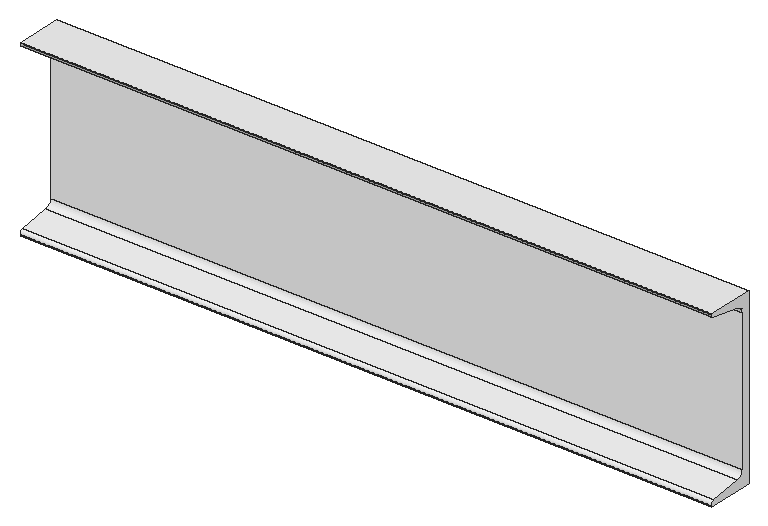
Revit family "86dab6f69a714126a8db83c11be17fd3", category Structural Framing, Revit 2023
Family settings
  Structural Framing Length Roundoff = 0.10 mm
  Section Shape = C-channel Sloped Flange
  Material for Model Behavior = Steel
  Always export as geometry = No
  Family Name Key = M_C Shapes
  Code Name = AISC 14.1
  OmniClass Number = 23.25.30.11.14.14
  OmniClass Title = Beams
  Seek Item ID = C-Channel-0000-CAN-ENU
  Always vertical = Yes
  Cut with Voids When Loaded = No
  Symbolic Representation = From Project Settings
  Shared = No
  Show family pre-cut in plan views = Yes
Parameters (values of type "C310X45")
  Width = 80.50 mm
  Web Thickness = 13.0000 mm
  Web Fillet = 12.7000 mm
  Warping Constant = 0.000050509 (stored number, unit not read)
  Torsional Moment of Inertia = 358000.00 mm⁴
  Structural Material [instance] = Steel, 45-345
  Sloped Flange Angle = 9.46234°
  Section Name Key = ""
  Section Area = 5680.0 mm²
  Plastic Modulus weak axis = 70800.0 mm³
  Plastic Modulus strong axis = 554000.0 mm³
  Nominal Weight = 44.9998 kgf/m
  Moment of Inertia weak axis = 2130000.00 mm⁴
  Moment of Inertia strong axis = 67400000.00 mm⁴
  Height = 305.00 mm
  Flange Thickness Location = 33.7500 mm
  Flange Thickness = 12.7000 mm
  Flange Fillet = 6.3500 mm
  Elastic Modulus weak axis = 33600.0 mm³
  Elastic Modulus strong axis = 442000.0 mm³
  Centroid Vertical = Height / 2  # 152.5000 mm
  Centroid Horizontal = 17.10 mm
  Bolt Spacing = 44.45 mm
  Assembly Code = ""
  Length [instance] = 1500.00 mm
Types (2, lengths in mm): name | Width | Web Thickness | Web Fillet | Warping Constant | Torsional Moment of Inertia | Section Area | Plastic Modulus weak axis | Plastic Modulus strong axis | Nominal Weight | Moment of Inertia weak axis | Moment of Inertia strong axis | Height | Flange Thickness Location | Flange Thickness | Flange Fillet | Elastic Modulus weak axis | Elastic Modulus strong axis | Centroid Vertical | Centroid Horizontal | Bolt Spacing
  C310X45 | 80.50 | 13.0000 | 12.7000 | 0.000050509 (stored number, unit not read) | 358000.00 mm⁴ | 5680.0 mm² | 70800.0 mm³ | 554000.0 mm³ | 44.9998 kgf/m | 2130000.00 mm⁴ | 67400000.00 mm⁴ | 305.00 | 33.7500 | 12.7000 | 6.3500 | 33600.0 mm³ | 442000.0 mm³ | 152.5000 | 17.10 | 44.45
  C380X50.4 | 86.40 | 10.2000 | 16.5000 | 0.00011985 (stored number, unit not read) | 420000.00 mm⁴ | 6450.0 mm² | 101000.0 mm³ | 832000.0 mm³ | 50.3998 kgf/m | 3360000.00 mm⁴ | 131000000.00 mm⁴ | 381.00 | 38.1000 | 16.5000 | 8.2500 | 50600.0 mm³ | 688000.0 mm³ | 190.5000 | 20.00 | 50.80
Reference planes
  plane 1 "Center (Front/Back)": y = 0
  plane 2: z = 0
  plane 3 "Center (Left/Right)": x = 4.61
  plane 4 "Member Left": x = -604.99
  plane 5 "Member Right": x = 614.21
  plane 6 "Top": z = 152.5
  plane 7: z = -152.5
  plane 8 "Right": x = 766.61
  plane 9 "Left": x = -733.39
  plane 10: y = 17.1
  plane 11: y = -63.4
Forms (mm)
  Sweep 1, solid, material "Steel, 45-345" <- "Structural Material", detail levels medium
    path origin (0, 0, 0) x (1, 0, 0) y (0, 1, 0)
      loop
        line (-604.99, 0) -> (614.21, 0)
    profile "C-Shape-Profile-Medium : C-Shape-Profile-Medium" origin (4.61, 0, 0) x (0, 1, 0) y (0, 0, 1)
      loop
        line (-63.4, 152.5) -> (-63.4, 145.425) -> (-29.65, 139.8) -> (4.1, 134.175) -> (4.1, -134.175) -> (-29.65, -139.8) -> (-63.4, -145.425) -> (-63.4, -152.5) -> (17.1, -152.5) -> (17.1, 152.5) -> (-63.4, 152.5)
  Sweep 2, solid, material "Steel, 45-345" <- "Structural Material", detail levels fine
    path origin (0, 0, 0) x (1, 0, 0) y (0, 1, 0)
      loop
        line (-604.99, 0) -> (614.21, 0)
    profile "C-Shape-Profile-Fine : C-Shape-Profile-Fine" origin (4.61, 0, 0) x (0, 1, 0) y (0, 0, 1)
      loop
        line (-63.4, 152.5) -> (-63.4, 150.804)
        arc (-63.4, 150.804) -> (-61.895, 146.7) -> (-58.094, 144.541) r 6.35
        line (-58.094, 144.541) -> (-29.65, 139.8) -> (-6.512, 135.944)
        arc (-6.512, 135.944) -> (1.09, 131.625) -> (4.1, 123.416) r 12.7
        line (4.1, 123.416) -> (4.1, -123.416)
        arc (4.1, -123.416) -> (1.09, -131.625) -> (-6.512, -135.944) r 12.7
        line (-6.512, -135.944) -> (-29.65, -139.8) -> (-58.094, -144.541)
        arc (-58.094, -144.541) -> (-61.895, -146.7) -> (-63.4, -150.804) r 6.35
        line (-63.4, -150.804) -> (-63.4, -152.5) -> (17.1, -152.5) -> (17.1, 152.5) -> (-63.4, 152.5)
Lines and regions (mm)
  symbolic lines, style "Hidden Faces", detail levels medium+fine
    curve 1: line (-604.99, 4.1, 0) -> (614.21, 4.1, 0)
    curve 2: line (-604.99, 0, 145.425) -> (614.21, 0, 145.425)
    curve 3: line (614.21, 0, 134.175) -> (-604.99, 0, 134.175)
    curve 4: line (-604.99, 0, -134.175) -> (614.21, 0, -134.175)
    curve 5: line (614.21, 0, -145.425) -> (-604.99, 0, -145.425)
  symbolic lines, style "Stick Symbols", detail levels coarse
    curve 6: line (-733.39, -63.4, 152.5) -> (-733.39, 17.1, 152.5)
    curve 7: line (-733.39, 17.1, 152.5) -> (-733.39, 17.1, -152.5)
    curve 8: line (-733.39, 17.1, -152.5) -> (-733.39, -63.4, -152.5)
Dimensions and locks
  "Height": plane 7 to plane 6 "Top"
  equal spacing: plane 7, plane 2, plane 6 "Top"
  "Length": plane 9 "Left" to plane 8 "Right"
  "Centroid Horizontal": plane 10 to plane 1 "Center (Front/Back)"
  "Width": plane 10 to plane 11
  aligned and locked: plane 1 "Center (Front/Back)" to Sweep 1 sketch curve
  aligned and locked: plane 1 "Center (Front/Back)" to Sweep 2 sketch curve
  aligned and locked: curve 1 to Sweep 1
  aligned and locked: curve 3 to Sweep 1
  aligned and locked: curve 4 to Sweep 1
  aligned and locked: curve 5 to Sweep 1
  aligned and locked: curve 2 to Sweep 1
  aligned and locked: Sweep 2 to plane 6 "Top"
  aligned and locked: Sweep 2 to plane 10
  aligned and locked: plane 7 to Sweep 2
  aligned and locked: plane 4 "Member Left" to Sweep 1 sketch curve
  aligned and locked: plane 5 "Member Right" to Sweep 1 sketch curve
  aligned and locked: plane 4 "Member Left" to Sweep 2 sketch curve
  aligned and locked: plane 5 "Member Right" to Sweep 2 sketch curve
  aligned and locked: plane 4 "Member Left" to curve 1
  aligned and locked: plane 5 "Member Right" to curve 1
  aligned and locked: plane 4 "Member Left" to curve 2
  aligned and locked: plane 5 "Member Right" to curve 2
  aligned and locked: plane 4 "Member Left" to curve 3
  aligned and locked: plane 5 "Member Right" to curve 3
  aligned and locked: plane 4 "Member Left" to curve 4
  aligned and locked: plane 5 "Member Right" to curve 4
  aligned and locked: plane 4 "Member Left" to curve 5
  aligned and locked: plane 5 "Member Right" to curve 5
  aligned and locked: curve 6 to plane 6 "Top"
  aligned and locked: plane 11 to curve 6
  aligned and locked: curve 7 to plane 10
  aligned and locked: plane 7 to curve 8
  aligned and locked: plane 11 to curve 8
